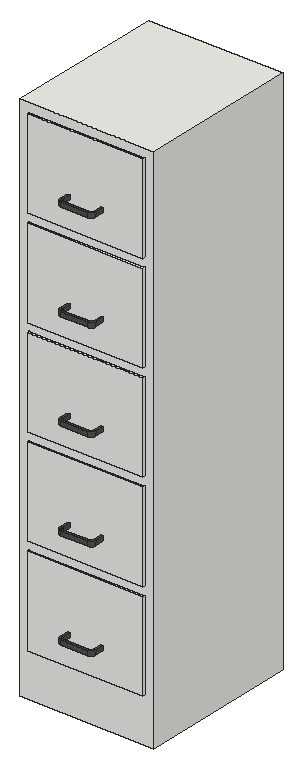
Revit family "b02eafb2a1ef492bb598a6d6306c6ac9", category Furniture, Revit 2021
Family settings
  OmniClass Number = 23.40.20.24.24
  OmniClass Title = Filing Cabinets
  Seek Item ID = Cabinet-File 5 Drawer-0000-USA-ENU
  Work Plane-Based = No
  Always vertical = Yes
  Cut with Voids When Loaded = No
  Shared = No
  Room Calculation Point = No
Parameters (values of type "15" x 18"")
  Default Elevation = 0' - 0"
  Assembly Code = "E2020200"
  Cabinet Material = Steel, Paint Finish, Ivory, Glossy
  Depth = 1' - 6"
  Handle Material = Steel, Chrome Plated
  Height = 5' - 0"
  Width = 1' - 3"
Types (7): name | Depth | Width
  (no name) | 1' - 6" | 1' - 3"
  15" x 18" | 1' - 6" | 1' - 3"
  15" x 25" | 2' - 1" | 1' - 3"
  15" x 29" | 2' - 5" | 1' - 3"
  18" x 29" | 2' - 5" | 1' - 6"
  42" x 15" Lat. | 1' - 3" | 3' - 6"
  42" x 18" Lat. | 1' - 6" | 3' - 6"
Reference planes (in)
  plane 1 "Center (Front/Back)": y = -5.59584
  plane 2: z = 0
  plane 3 "Center (Left/Right)": x = -5.03529
  plane 4: x = 2.46471
  plane 5: x = -12.53529
  plane 6: y = 3.40416
  plane 7: y = -14.59584
  plane 8: z = 60
  plane 9: y = -14.84584
Forms (in)
  Extrusion 1, solid, material "Steel, Paint Finish, Ivory, Glossy"
    sketch origin (0, 3.40416, 0) x (1, 0, 0) y (0, 0, 1)
      loop
        line (-11.53529, 59) -> (-11.53529, 49) -> (1.46471, 49) -> (1.46471, 59) -> (-11.53529, 59)
      loop
        line (-11.53529, 48) -> (-11.53529, 38) -> (1.46471, 38) -> (1.46471, 48) -> (-11.53529, 48)
      loop
        line (-11.53529, 37) -> (-11.53529, 27) -> (1.46471, 27) -> (1.46471, 37) -> (-11.53529, 37)
      loop
        line (-11.53529, 26) -> (-11.53529, 16) -> (1.46471, 16) -> (1.46471, 26) -> (-11.53529, 26)
      loop
        line (-11.53529, 15) -> (-11.53529, 5) -> (1.46471, 5) -> (1.46471, 15) -> (-11.53529, 15)
    from 18 to 18.25
  Extrusion 2, solid, material "Steel, Paint Finish, Ivory, Glossy" <- "Cabinet Material"
    sketch origin (0, 0, 0) x (1, 0, 0) y (0, 1, 0)
      loop
        line (-12.53529, 3.40416) -> (-12.53529, -14.59584) -> (2.46471, -14.59584) -> (2.46471, 3.40416) -> (-12.53529, 3.40416)
    from 0 to 60
  Sweep 3, solid, material "Steel, Chrome Plated" <- "Handle Material"
    path origin (0, 0, 0) x (1, 0, 0) y (0, 1, 0)
      loop
        line (-7.03529, -14.84584) -> (-7.03529, -15.84584)
        arc (-7.03529, -15.84584) -> (-6.88885, -16.19939) -> (-6.53529, -16.34584) r 0.5
        line (-6.53529, -16.34584) -> (-3.53529, -16.34584)
        arc (-3.53529, -16.34584) -> (-3.18174, -16.19939) -> (-3.03529, -15.84584) r 0.5
        line (-3.03529, -15.84584) -> (-3.03529, -14.84584)
    profile origin (0, -15.34584, 0) x (1, 0, 0) y (0, 0, 1)
      loop
        line (-7.03529, 8) -> (-6.78529, 8) -> (-6.78529, 8.5) -> (-7.03529, 8.5) -> (-7.03529, 8)
      loop
        line (-7.03529, 19) -> (-6.78529, 19) -> (-6.78529, 19.5) -> (-7.03529, 19.5) -> (-7.03529, 19)
      loop
        line (-7.03529, 30) -> (-6.78529, 30) -> (-6.78529, 30.5) -> (-7.03529, 30.5) -> (-7.03529, 30)
      loop
        line (-7.03529, 41) -> (-6.78529, 41) -> (-6.78529, 41.5) -> (-7.03529, 41.5) -> (-7.03529, 41)
      loop
        line (-7.03529, 52) -> (-6.78529, 52) -> (-6.78529, 52.5) -> (-7.03529, 52.5) -> (-7.03529, 52)
Lines and regions (in)
  Masking region 1
    outline origin (0, 0, 0) x (1, 0, 0) y (0, 1, 0)
      loop
        line (-12.53529, 3.40416) -> (-12.53529, -14.59584) -> (2.46471, -14.59584) -> (2.46471, 3.40416) -> (-12.53529, 3.40416)
  Masking region 2
    outline origin (0, 0, 0) x (1, 0, 0) y (0, 1, 0)
      loop
        line (-11.53529, -14.59584) -> (-11.53529, -14.84584) -> (1.46471, -14.84584) -> (1.46471, -14.59584) -> (-11.53529, -14.59584)
  symbolic lines
    curve 1: line (-6.78529, -15.84584, 0) -> (-6.78529, -14.84584, 0)
    curve 2: line (-3.53529, -16.09584, 0) -> (-6.53529, -16.09584, 0)
    curve 3: line (-3.28529, -14.84584, 0) -> (-3.28529, -15.84584, 0)
    curve 4: arc (-3.53529, -16.09584, 0) -> (-3.35852, -16.02262, 0) -> (-3.28529, -15.84584, 0) r 0.25
    curve 5: arc (-6.78529, -15.84584, 0) -> (-6.71207, -16.02262, 0) -> (-6.53529, -16.09584, 0) r 0.25
Dimensions and locks (in)
  equal spacing: plane 5, plane 3 "Center (Left/Right)", plane 4
  equal spacing: plane 7, plane 1 "Center (Front/Back)", plane 6
  "Width": plane 5 to plane 4
  "Depth": plane 7 to plane 6
  "Height": plane 8 to plane 2
  plane 7 to plane 9 = 0' - 0 1/4"
  aligned and locked: Extrusion 1 to plane 7
  aligned and locked: plane 9 to Extrusion 1
  aligned and locked: Extrusion 2 to plane 8
  aligned and locked: Extrusion 2 to level
  aligned and locked: Masking region 1 sketch curve to plane 5
  aligned and locked: plane 4 to Masking region 1 sketch curve
  aligned and locked: plane 6 to Masking region 1 sketch curve
  aligned and locked: Masking region 1 sketch curve to plane 7
  aligned and locked: Masking region 2 sketch curve to plane 9
  aligned and locked: plane 7 to Masking region 2 sketch curve
  aligned and locked: Masking region 2 sketch curve to Extrusion 1  (x2)
  aligned and locked: curve 1 to Sweep 3
  aligned and locked: curve 2 to Sweep 3
  aligned and locked: curve 3 to Sweep 3
  aligned: curve 5 to Sweep 3
Automatic sketch dimensions
  Extrusion 1 sketch curve to plane 5 = 0' - 1"  (x3)
  Extrusion 1 sketch curve to Extrusion 1 sketch curve = 0' - 0"  (x3)
  plane 4 to Extrusion 1 sketch curve = 0' - 1"  (x4)
  level to Extrusion 1 sketch curve = 0' - 5"
  plane 8 to Extrusion 1 sketch curve = 0' - 1"
  Extrusion 1 sketch curve to Extrusion 1 sketch curve = 0' - 10"  (x4)
  Extrusion 1 sketch curve to Extrusion 1 sketch curve = 0' - 1"  (x4)
  Sweep 3 sketch curve to profile plane = 0' - 0"  (x5)
  Sweep 3 sketch curve to profile plane = 0' - 0 1/4"  (x5)
  level to Sweep 3 sketch curve = 0' - 8"
  Sweep 3 sketch curve to Sweep 3 sketch curve = 0' - 0 1/2"  (x6)
  Sweep 3 sketch curve to Sweep 3 sketch curve = 0' - 10 1/2"  (x4)
  Sweep 3 sketch curve to plane 9 = 0' - 0"  (x2)
  plane 9 to Sweep 3 sketch curve = 0' - 1"
  Sweep 3 sketch curve to plane 3 "Center (Left/Right)" = 0' - 2"
  Sweep 3 sketch curve to plane 3 "Center (Left/Right)" = 0' - 1 1/2"
  plane 3 "Center (Left/Right)" to Sweep 3 sketch curve = 0' - 1 1/2"
  Extrusion 2 sketch curve to plane 7 = 0' - 0"
  Extrusion 2 sketch curve to plane 5 = 0' - 0"
  Extrusion 2 sketch curve to plane 6 = 0' - 0"
  Extrusion 2 sketch curve to plane 4 = 0' - 0"
  curve 1 to plane 9 = 0' - 0"
  curve 3 to plane 9 = 0' - 0"
  curve 2 to curve 3 = 0' - 0 1/4"
  curve 1 to curve 5 = 0' - 0 1/4"
